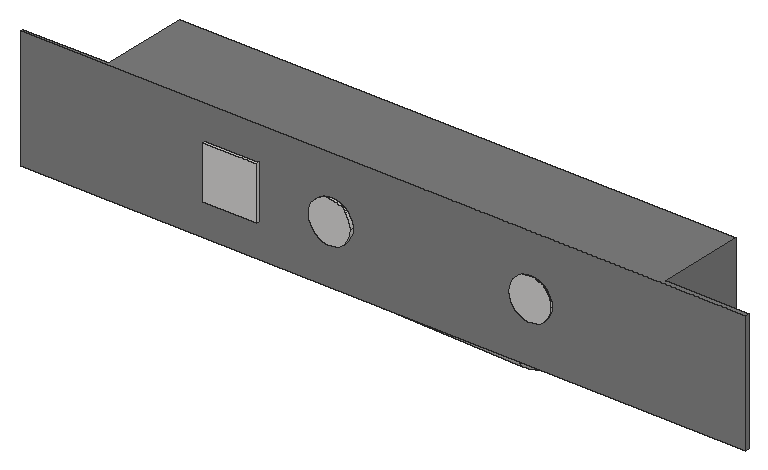
Revit family "400FV", category Generic Models, Revit 2021
Family settings
  Can host rebar = No
  Round Connector Dimension = Use Diameter
  Part Type = Normal
  Work Plane-Based = No
  Always vertical = Yes
  Cut with Voids When Loaded = No
  Shared = No
  Room Calculation Point = No
Parameters (values of type "Standard")
  e-mail = "info@vola.com"
  URL = "http://vola.com"
  Telephone = "+45 7023 5500"
  Quality management standard = "ISO 9001"
  Organisation no. / DUNS no. = "17531328"
  Occupational health and safety management standard = "ISO 18001"
  Mounting Instructions = "http://vola.com/service/producturl.ashx?name=400FV"
  Model = "400FV"
  Materials and components information = "http://vola.com/service/producturl.ashx?name=400FV"
  Manufacturer = "VOLA A/S"
  Maintenance Instructions = "http://vola.com/service/producturl.ashx?name=400FV"
  Guarantee = "2 years"
  Flow = "15,00 l/min"
  Environmental management standard = "ISO 14000"
  Default Elevation = 0.00 mm
  Connection - All relevant connections = ""
  Approvals = "http://vola.com/service/producturl.ashx?name=400FV"
Reference planes
  plane 1 "Center (Front/Back)": y = 0
  plane 2: z = 0
  plane 3 "Center (Left/Right)": x = 0
  plane 4 "Center Plane (Horizontal)": z = 69.25
  plane 5: y = -73.5
  plane 6: y = -26
Forms (mm)
  Extrusion 1, solid, material "Stainless Steel"
    sketch origin (0, -1, 0.25) x (1, 0, 0) y (0, 0, 1)
      loop
        circle (39, 69) r 16.5
    from 70.5 to 72.5
  Extrusion 2, solid, material "Stainless Steel"
    sketch origin (1032.5, -3.5, 0.25) x (-1, 0, 0) y (0, 0, -1)
      loop
        line (1092.5, -90) -> (1092.5, -48) -> (1050.5, -48) -> (1050.5, -90) -> (1092.5, -90)
    from 68 to 70
  Extrusion 3, solid, material "Default"
    sketch origin (0, -1, 0.25) x (1, 0, 0) y (0, 1, 0)
      loop
        line (-137.5, 1) -> (-137.5, -68) -> (298.5, -68) -> (298.5, 1) -> (-137.5, 1)
    from 21.5 to 116.5
  Extrusion 4, solid, material "Stainless Steel"
    sketch origin (0, -1, 21.75) x (0, 1, 0) y (1, 0, 0)
      loop
        circle (-25, -12) r 14
    from 0 to 21.75
  Extrusion 5, solid, material "Stainless Steel"
    sketch origin (-54, -1, 21.75) x (0, 1, 0) y (1, 0, 0)
      loop
        circle (-25, -12) r 14
    from 0 to 21.75
  Extrusion 6, solid, material "Stainless Steel"
    sketch origin (156, -1, 0.25) x (1, 0, 0) y (0, 0, 1)
      loop
        circle (39, 69) r 16.5
    from 70.5 to 71
  Extrusion 7, solid, material "Default"
    sketch origin (0, -1, 0.25) x (1, 0, 0) y (0, 1, 0)
      loop
        line (-205, -68) -> (-205, -70.5) -> (363.5, -70.5) -> (363.5, -68) -> (-205, -68)
    from 21.5 to 116.5
  Sweep 8, solid, material "Stainless Steel"
    path origin (0.024, -40.639, 0.25) x (-0.999391, 0.034899, 0) y (0, 0, 1)
      loop
        line (-39, 69) -> (-39, 32.81)
        arc (-39, 32.81) -> (-45.59, 16.9) -> (-61.5, 10.31) r 22.5
        line (-61.5, 10.31) -> (-172.5, 10.31)
        arc (-172.5, 10.31) -> (-188.41, 16.9) -> (-195, 32.81) r 22.5
        line (-195, 32.81) -> (-195, 69)
    profile origin (39, -42, 51.155) x (0.034899, 0.999391, 0) y (-0.999391, 0.034899, 0)
      loop
        circle (0, 0) r 7.5
  Extrusion 9, void
    sketch origin (0, -1, 21.75) x (1, 0, 0) y (0, 1, 0)
      loop
        line (208.657, -61.648) -> (208.657, -25) -> (20.398, -25) -> (20.398, -61.648) -> (208.657, -61.648)
    from 0 to 20
Cuts and joins
  Extrusion 9 cuts Extrusion 7
  joined: Extrusion 3, Extrusion 7
  Extrusion 9 cuts Sweep 8
Lines and regions (mm)
  reference lines
    curve 1: line (-39, -26, 69.25) -> (-39, -123.5, 69.25)
    curve 2: line (39, -26, 69.25) -> (39, -123.5, 69.25)
    curve 3: line (-66, -26, 69.25) -> (-66, -26, -29.75)
    curve 4: line (-12, -26, 69.25) -> (-12, -26, -29.75)
    curve 5: line (195, -26, 69.25) -> (195, -123.5, 69.25)
    curve 6: line (39, -39, 69.25) -> (39, -39, 168.25)
Dimensions and locks
  plane 1 "Center (Front/Back)" to plane 6 = 26.00 mm
  aligned and locked: plane 2 to level
  aligned and locked: Extrusion 7 to Extrusion 3
  aligned and locked: Extrusion 3 to Extrusion 7
